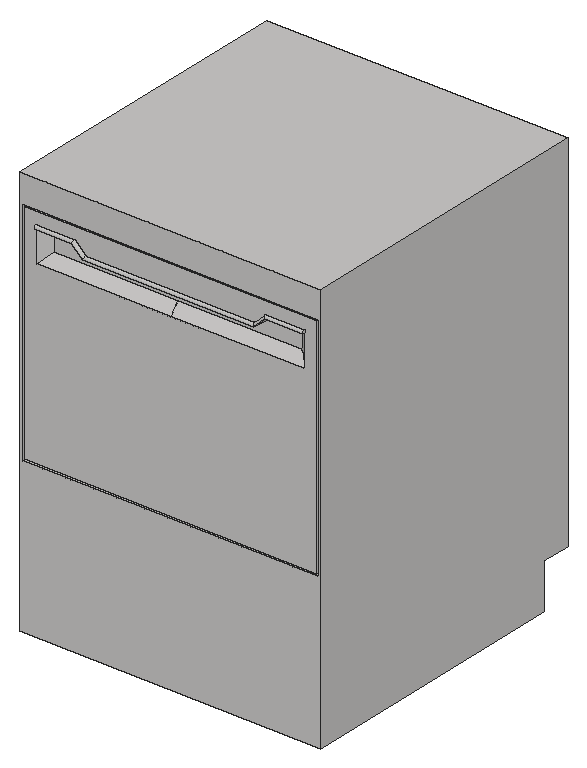
Revit family "QF_ELECTROLUXPROFESSIONAL_502721_ELAI3GWL", category Specialty Equipment, Revit 2018
Family settings
  Round Connector Dimension = Use Diameter
  Part Type = Normal
  Work Plane-Based = No
  Always vertical = Yes
  Cut with Voids When Loaded = No
  Shared = No
  Room Calculation Point = No
Parameters
  Weight = 68.00 kg
  Watts = 0 W
  Volts = 0 V
  URL Manufacturer = ""
  URL = "http://professional.electrolux.com/"
  Steam Supply Size = 0 mm
  Steam Supply Minimum Pressure = 0.0 Pa
  Steam Supply Maximum Pressure = 0.0 Pa
  Steam Pounds per Hour = 0
  Show Logo [instance] = yes
  Show Clearance [instance] = yes
  Refrigeration Suction Line Size = 0 mm
  Refrigeration Liquid Line Size = 0 mm
  Refrigerant Compressor Remote = yes
  Manufacturer = ""
  Phase = 0
  Model = ""
  Length Actual = 600 mm  # constant formula
  Item Number = ""
  Hot Water Size = 0 mm
  Height Actual = 820 mm  # constant formula
  HP = "9.2 HP"
  Gas Size = 0 mm
  Gas KW = 0
  Gas Input Pressure = 0 W
  Direct Waste Size = 20.5 mm
  Description = ""
  Depth Actual = 615 mm  # constant formula
  Cycle = 0 Hz
  Condensate Return Size = 0 mm
  Compressed Air Volume = 0.0 L/s
  Compressed Air Size = 0 mm
  Compressed Air Pressure = 0.0 Pa
  Cold Water Size = 0 mm
  Accessory = yes
Types (2, lengths in mm): name | Volts | URL Manufacturer | URL | Manufacturer | Phase | Model | Item Number | Hot Water Size | Description | Cycle
  (no name) | 0 V | "" | "http://professional.electrolux.com/" | "" | 0 | "" | "" | 0 | "" | 0 Hz
  Standard | 400 V | "http://professional.electrolux.com" | "http://professional.electrolux.com" | "Electrolux Professional" | 3 | "ELAI3GWL" | "502721" | 19.05 | "UNDERCOUNTER(L), WASH-SAFE, DOUBLE SKIN, 3PH, DP, DD, 720D/H - WINE LINE" | 50 Hz
Reference planes
  plane 1 "Center (Front/Back)": y = 0
  plane 2: z = 0
  plane 3 "Center (Left/Right)": x = 0
  plane 4 "LEFT": x = -300
  plane 5 "RIGHT": x = 300
  plane 6 "FRONT": y = -307.5
  plane 7 "BACK": y = 307.5
  plane 8: z = 830
  plane 9: z = 10
  plane 10: y = 268.5
Forms (mm)
  Extrusion 1, solid, material "QF_Finishes_Stainless Steel"
    sketch origin (0, 0, 0) x (1, 0, 0) y (0, 1, 0)
      loop
        line (-300, -307.5) -> (300, -307.5) -> (300, 249.5) -> (-300, 249.5) -> (-300, -307.5)
    from 10 to 830
  Extrusion 2, solid, material "QF_Finishes_Stainless Steel"
    sketch origin (0, 0, 0) x (1, 0, 0) y (0, 1, 0)
      loop
        line (-300, 249.5) -> (300, 249.5) -> (300, 307.5) -> (-300, 307.5) -> (-300, 249.5)
    from 100 to 830
  Extrusion 3, solid, material "QF_Finishes_Stainless Steel"
    sketch origin (0, 0, 0) x (1, 0, 0) y (0, 1, 0)
      loop
        circle (-254, 193.5) r 12.5
      loop
        circle (254, 193.5) r 12.5
      loop
        circle (-254, -237.5) r 12.5
      loop
        circle (254, -237.5) r 12.5
    from 0 to 10
  Extrusion 4, void
    sketch origin (-300, -307.5, 0) x (-1, 0, 0) y (0, 0, 1)
      loop
        line (-5, 773.217) -> (-595, 773.217) -> (-595, 315.188) -> (-5, 315.188) -> (-5, 773.217)
    from 0 to 30
  Extrusion 5, solid, material "QF_Finishes_Stainless Steel"
    sketch origin (-274, -411, 733) x (0, 0, -1) y (1, 0, 0)
      loop
        circle (693, 143) r 10
    from -660.5 to -718.5
  Extrusion 6, solid, material "QF_Door-Drawer Clearances", visible <- "Show Clearance", detail levels coarse
    sketch origin (-230, -282.5, 0) x (0, 1, 0) y (0, 0, -1)
      loop
        line (-25, -319.312) -> (-397, -319.312)
        arc (-397, -319.312) -> (-298.139, -616.581) -> (-25, -770) r 434.302
        line (-25, -770) -> (-25, -319.312)
    from 61.225 to -521.647
  Extrusion 7, solid, material "QF_Finishes_Stainless Steel"
    sketch origin (-331.481, -411, 703) x (0, 0, -1) y (1, 0, 0)
      loop
        circle (663, 252.481) r 8
    from -660.5 to -718.5
  Extrusion 8, solid, material "QF_Finishes_Stainless Steel"
    sketch origin (-230, -282.5, 0) x (0, 1, 0) y (0, 0, -1)
      loop
        line (-25, -319.312) -> (-25, -770) -> (0, -770) -> (0, -319.312) -> (-25, -319.312)
    from 61.225 to -521.647
  Extrusion 9, solid, material "QF_Finishes_Stainless Steel"
    sketch origin (-301, 942.75, 760.5) x (0, -1, 0) y (1, 0, 0)
      loop
        circle (663, 158) r 8
    from -660.5 to -670.5
  Blend 10, void
    base sketch origin (-230, -307.5, 770) x (0, 0, -1) y (1, 0, 0)
      loop
        line (93.563, -37.311) -> (93.563, 230) -> (93.563, 497.311) -> (28.563, 497.311) -> (28.563, 422.311) -> (49.776, 401.098) -> (49.776, 230) -> (49.776, 58.902) -> (28.563, 37.689) -> (28.563, -37.311) -> (93.563, -37.311)
    top sketch origin (-230, -307.5, 770) x (0, 0, -1) y (1, 0, 0)
      loop
        line (73.563, -17.311) -> (73.563, 230) -> (73.563, 477.311) -> (31.063, 477.311) -> (31.063, 422.311) -> (52.276, 401.098) -> (52.276, 58.902) -> (31.063, 37.689) -> (31.063, -17.311) -> (73.563, -17.311)
    from 0 to -19.433
  Sweep 11, solid, material "QF_Finishes_Stainless Steel"
    path origin (-230, -307.5, 770) x (0, 0, -1) y (1, 0, 0)
      loop
        line (28.563, -37.311) -> (28.563, 37.689) -> (49.776, 58.902) -> (49.776, 401.098) -> (28.563, 422.311) -> (28.563, 497.311)
    profile origin (-229.811, -307.5, 741.437) x (0, 0, 1) y (0, -1, 0)
      loop
        line (0, 0) -> (5, 0)
        arc (5, 0) -> (3.536, 3.536) -> (0, 5) r 5
        arc (0, 5) -> (-0.037, 0.962) -> (-0.394, -3.06) r 51.04
        line (-0.394, -3.06) -> (0, 0)
Cuts and joins
  Extrusion 4 cuts Extrusion 1
  joined: Extrusion 1, Extrusion 2
  Blend 10 cuts Extrusion 8
Lines and regions (mm)
  Split face 1
    outline origin (-300, -307.5, 830) x (0, 0, -1) y (1, 0, 0)
      loop
        line (56.783, 5) -> (56.783, 0)
      loop
        line (56.783, 595) -> (56.783, 600)
      loop
        line (37.034, 600) -> (37.034, 514.297)
        arc (37.034, 514.297) -> (37.64, 511.25) -> (39.366, 508.667) r 7.962
        line (39.366, 508.667) -> (44.289, 503.744)
        arc (44.289, 503.744) -> (46.135, 500.982) -> (46.783, 497.723) r 8.515
        line (46.783, 497.723) -> (46.783, 87.277)
        arc (46.783, 87.277) -> (46.135, 84.018) -> (44.289, 81.256) r 8.515
        line (44.289, 81.256) -> (39.366, 76.333)
        arc (39.366, 76.333) -> (37.64, 73.75) -> (37.034, 70.703) r 7.962
        line (37.034, 70.703) -> (37.034, 0)
  Split face 2
    outline origin (-300, -307.5, 830) x (0, 0, -1) y (1, 0, 0)
      loop
        line (13.15, 274.82) -> (37.034, 274.82) -> (37.034, 325.18) -> (13.15, 325.18) -> (13.15, 274.82)
  symbolic lines
    curve 1: line (-300, 307.5, 0) -> (300, 307.5, 0)
    curve 2: line (-300, -307.5, 0) -> (-300, 307.5, 0)
    curve 3: line (300, -307.5, 0) -> (-300, -307.5, 0)
    curve 4: line (300, 307.5, 0) -> (300, -307.5, 0)
  symbolic lines, style "QF_Door-Drawer Clearances"
    curve 5: line (-291.225, -679.5, 0) -> (291.647, -679.5, 0)
    curve 6: line (291.647, -679.5, 0) -> (291.647, -307.5, 0)
    curve 7: line (-291.225, -679.5, 0) -> (-291.225, -307.5, 0)
  symbolic lines, style "SpecialityEquipmentHiddenLines"
    curve 8: line (-300, 249.5, 0) -> (300, 249.5, 0)
Dimensions and locks
  equal spacing: plane 4 "LEFT", plane 3 "Center (Left/Right)", plane 5 "RIGHT"
  equal spacing: plane 7 "BACK", plane 1 "Center (Front/Back)", plane 6 "FRONT"
  plane 7 "BACK" to plane 6 "FRONT" = 615 mm
  plane 4 "LEFT" to plane 5 "RIGHT" = 600 mm
  locked: plane 9 to level at 10
  plane 4 "LEFT" to plane 3 "Center (Left/Right)" = 300 mm
  plane 8 to level = 830 mm  (x2)
  Extrusion 9 sketch curve to plane 4 "LEFT" = 157 mm
  level to Extrusion 5 sketch curve = 40 mm
  Extrusion 5 sketch curve to plane 4 "LEFT" = 169 mm
  Extrusion 7 sketch curve to plane 4 "LEFT" = 221 mm
  level to Extrusion 7 sketch curve = 40 mm
  Extrusion 3 to cut or joined group of Extrusion 1, Extrusion 2, Extrusion 4 = 114 mm
  Extrusion 3 to Extrusion 3 = 431 mm
  plane 6 "FRONT" to Extrusion 3 = 70 mm
  plane 1 "Center (Front/Back)" to plane 6 "FRONT" = 307.5 mm
  locked: plane 7 "BACK" to plane 10 at 39
  plane 7 "BACK" to curve 5 = 987 mm
  Extrusion 8 to cut or joined group of Extrusion 1, Extrusion 2, Extrusion 4 = 454.812 mm
  aligned and locked: level to plane 2
  aligned and locked: Extrusion 1 sketch curve to plane 6 "FRONT"
  aligned and locked: Extrusion 1 sketch curve to plane 4 "LEFT"
  aligned and locked: plane 5 "RIGHT" to Extrusion 1 sketch curve
  aligned and locked: Extrusion 1 to plane 9
  aligned and locked: Extrusion 2 sketch curve to Extrusion 1
  aligned and locked: plane 7 "BACK" to Extrusion 2 sketch curve
  aligned and locked: plane 5 "RIGHT" to Extrusion 2 sketch curve
  aligned and locked: plane 9 to Extrusion 3
Automatic sketch dimensions
  Extrusion 1 sketch curve to plane 10 = 19 mm
  Extrusion 2 sketch curve to plane 10 = 19 mm
  plane 4 "LEFT" to Extrusion 3 sketch curve = 46 mm  (x2)
  Extrusion 3 sketch curve to plane 5 "RIGHT" = 46 mm  (x2)
  plane 6 "FRONT" to Extrusion 3 sketch curve = 70 mm  (x2)
  Extrusion 3 sketch curve to plane 10 = 75 mm  (x2)
  Extrusion 4 sketch curve to Extrusion 1 = 5 mm  (x2)
  Extrusion 4 sketch curve to Extrusion 1 = 305.188 mm
  Extrusion 4 sketch curve to Extrusion 1 = 56.783 mm
  Extrusion 8 sketch curve to plane 6 "FRONT" = 0 mm
  Extrusion 8 sketch curve to Extrusion 8 sketch curve = 25 mm
  Extrusion 8 sketch curve to plane 8 = 60 mm
  plane 9 to Extrusion 8 sketch curve = 309.312 mm
  cut or joined group of Extrusion 1, Extrusion 2, Extrusion 4 to Split face 1 sketch curve = 0 mm  (x2)
  Split face 1 sketch curve to cut or joined group of Extrusion 1, Extrusion 2, Extrusion 4 = 0 mm  (x6)
  cut or joined group of Extrusion 1, Extrusion 2, Extrusion 4 to Split face 1 sketch curve = 10 mm
  Split face 1 sketch curve to Split face 1 sketch curve = 2.494 mm  (x2)
  Split face 1 sketch curve to Split face 1 sketch curve = 8.515 mm  (x2)
  cut or joined group of Extrusion 1, Extrusion 2, Extrusion 4 to Split face 1 sketch curve = 11.786 mm  (x2)
  Split face 1 sketch curve to Split face 1 sketch curve = 5.63 mm  (x2)
  Split face 1 sketch curve to Split face 1 sketch curve = 2.332 mm  (x2)
  Split face 1 sketch curve to cut or joined group of Extrusion 1, Extrusion 2, Extrusion 4 = 65.703 mm
  Split face 1 sketch curve to Split face 1 sketch curve = 4.923 mm  (x2)
  Split face 1 sketch curve to cut or joined group of Extrusion 1, Extrusion 2, Extrusion 4 = 97.277 mm
  Split face 2 sketch curve to cut or joined group of Extrusion 1, Extrusion 2, Extrusion 4 = 13.15 mm
  cut or joined group of Extrusion 1, Extrusion 2, Extrusion 4 to Split face 2 sketch curve = 19.749 mm
  Split face 2 sketch curve to cut or joined group of Extrusion 1, Extrusion 2, Extrusion 4 = 269.82 mm
  Split face 2 sketch curve to Split face 2 sketch curve = 50.359 mm
  curve 1 to plane 4 "LEFT" = 0 mm
  curve 7 to plane 6 "FRONT" = 0 mm
  curve 4 to plane 5 "RIGHT" = 0 mm
  curve 8 to plane 10 = 19 mm
  curve 2 to plane 7 "BACK" = 0 mm
  plane 4 "LEFT" to curve 5 = 8.775 mm
  curve 6 to plane 5 "RIGHT" = 8.353 mm
  Extrusion 6 sketch curve to plane 6 "FRONT" = 0 mm
  plane 6 "FRONT" to Extrusion 6 sketch curve = 61.803 mm
  plane 9 to Extrusion 6 sketch curve = 330.118 mm
  Extrusion 6 sketch curve to Extrusion 6 sketch curve = 20.806 mm
  Extrusion 6 sketch curve to plane 6 "FRONT" = 372 mm
  Blend 10 sketch curve to Extrusion 8 = 28.563 mm  (x2)
  Blend 10 sketch curve to Extrusion 8 = 49.776 mm
  Blend 10 sketch curve to Blend 10 sketch curve = 65 mm
  Extrusion 8 to Blend 10 sketch curve = 23.913 mm
  Blend 10 sketch curve to Blend 10 sketch curve = 75 mm  (x2)
  Blend 10 sketch curve to Blend 10 sketch curve = 21.213 mm  (x5)
  Blend 10 sketch curve to Blend 10 sketch curve = 171.098 mm  (x2)
  Blend 10 sketch curve to Blend 10 sketch curve = 0 mm
  Extrusion 8 to Blend 10 sketch curve = 120.549 mm
  Extrusion 8 to Blend 10 sketch curve = 99.335 mm
  Extrusion 8 to Blend 10 sketch curve = 43.913 mm
  Blend 10 sketch curve to Blend 10 sketch curve = 42.5 mm
  Extrusion 8 to Blend 10 sketch curve = 44.335 mm
  Blend 10 sketch curve to Blend 10 sketch curve = 55 mm  (x2)
  Blend 10 sketch curve to Extrusion 8 = 31.063 mm
  Extrusion 8 to Sweep 11 sketch curve = 98.913 mm
  Sweep 11 sketch curve to Sweep 11 sketch curve = 21.213 mm  (x4)
  Extrusion 8 to Sweep 11 sketch curve = 23.913 mm
  Sweep 11 sketch curve to Extrusion 8 = 28.563 mm
  Extrusion 8 to Sweep 11 sketch curve = 99.335 mm
  Extrusion 8 to Sweep 11 sketch curve = 24.335 mm
  profile plane to Sweep 11 sketch curve = 0 mm  (x2)
  Sweep 11 sketch curve to profile plane = 0 mm
  profile plane to Sweep 11 sketch curve = 3.452 mm
  Sweep 11 sketch curve to Sweep 11 sketch curve = 5 mm
  profile plane to Sweep 11 sketch curve = 0.394 mm
  Sweep 11 sketch curve to profile plane = 3.06 mm
  plane 10 to Extrusion 9 sketch curve = 11.25 mm
  radius of Extrusion 3 sketch curve = 12.5 mm  (x4)
  radius of Extrusion 5 sketch curve = 10 mm
  radius of Extrusion 7 sketch curve = 8 mm
  radius of Extrusion 9 sketch curve = 8 mm
Connectors
  piping at (-131, 307.5, 40), diameter 20
    settings: on Extrusion 5, index 1, connector inside diameter 609.6 mm, connector length 0 mm, flow factor 0, pipe flow 0.0 L/s, pressure drop 0.0 Pa, fitting loss kfactor 0, connector angle 0.00°, fixture units 0, engagement length 0 mm, angle of deflection 0.00°, flow configuration 1, flow direction 1, fitting loss method 0, system type 16, joint type 0, gender type 0, connector reference index -1, connector utility 0, adjustable connector no, is connector primary yes, connector description "Drain"
  piping at (-79, 307.5, 40), diameter 16
    settings: on Extrusion 7, index 3, connector inside diameter 609.6 mm, connector length 0 mm, flow factor 0, pipe flow 0.0 L/s, pressure drop 0.0 Pa, fitting loss kfactor 0, connector angle 0.00°, fixture units 0, engagement length 0 mm, angle of deflection 0.00°, flow configuration 1, flow direction 1, fitting loss method 0, system type 20, joint type 0, gender type 0, connector reference index -1, connector utility 0, adjustable connector no, is connector primary no, connector description "Cold Water Inlet"
  electrical at (-143, 279.75, 90), driven by "Volts"
    settings: on Extrusion 9, index 4, voltage 0 V, apparent load 0 VA, apparent load phase1 0 VA, apparent load phase2 0 VA, apparent load phase3 0 VA, power factor 1, load classification "Altro", number of poles 1, system type 31, power factor state 1, is connector primary yes, connector utility no, sub classification motor no, connector description "Electrical Connection"
